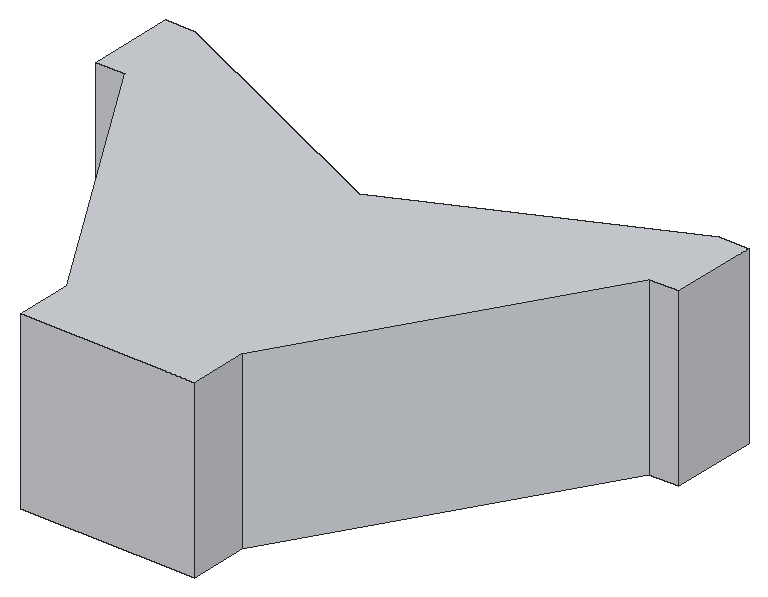
Revit family "d6c67653a53042209fd79cd622862344", category Duct Fittings, Revit 2021
Family settings
  Round Connector Dimension = Use Diameter
  Part Type = Wye
  OmniClass Number = 23.75.70.14
  OmniClass Title = Air Ductwork
  Seek Item ID = Rectangular Vee - Tapered-0000-USA-ENU
  Work Plane-Based = No
  Always vertical = Yes
  Cut with Voids When Loaded = No
  Shared = No
Parameters (values of type "Standard")
  Length 3 [instance] = abs(Length 1) + (Duct Length 2 + Duct Width 2 / 2)  # 27"
  Length 2 [instance] = abs(Length 1) + (Duct Length 6 + Duct Width 3 / 2)  # 27"
  Length 1 [instance] = ((Duct Length 2 + Duct Width 2 / 2) - (Duct Length 6 + Duct Width 3 / 2)) / 2  # 0"
  Length [instance] = if(Length 1 > 0' 0", Length 2, Length 3)  # 27"
  Duct Width 3 [instance] = 6"
  Duct Width 2 [instance] = 6"
  Duct Width 1 [instance] = 12"
  Duct Length 8 [instance] = Duct Width 3 / 3  # 2"
  Duct Length 7 [instance] = 1.5 * Duct Width 1  # 18"
  Duct Length 6 [instance] = 2 * Duct Width 1  # 24"
  Duct Length 5 [instance] = 1.8 * Duct Width 1  # 21.6"
  Duct Length 4 [instance] = Duct Width 2 / 3  # 2"
  Duct Length 3 [instance] = 1.5 * Duct Width 1  # 18"
  Duct Length 2 [instance] = 2 * Duct Width 1  # 24"
  Duct Length 1 [instance] = Duct Width 1 / 3  # 4"
  Duct Height [instance] = 12"
  Default Elevation = 0' - 0"
Reference planes (in)
  plane 1 "Old Center (Front/Back)": x = 0
  plane 2: z = 0
  plane 3 "Old Center (Left/Right)": y = -27
  plane 4: x = -6
  plane 5: x = 6
  plane 6: y = -23
  plane 7: y = -3
  plane 8: y = 3
  plane 9: x = -18
  plane 10: x = -20
  plane 11: y = -5.4
  plane 12: y = -3
  plane 13: y = 3
  plane 14: x = 20
  plane 15: x = 18
  plane 16: z = 6
  plane 17: z = -6
  plane 18: y = 0
  plane 19: y = 0
  plane 20 "Center (Front/Back)": y = 0
  plane 21 "Center (Left/Right)": x = 0
  plane 22: y = 0
Forms (in)
  Extrusion 1, solid, detail levels medium+fine
    sketch origin (0, -27, 0) x (0, 1, 0) y (-1, 0, 0)
      loop
        line (4, 6) -> (0, 6) -> (0, -6) -> (4, -6) -> (24, -18) -> (24, -20) -> (30, -20) -> (30, -18) -> (21.6, 0) -> (30, 18) -> (30, 20) -> (24, 20) -> (24, 18) -> (4, 6)
    from -6 to 6
Lines and regions (in)
  model lines, detail levels coarse
    curve 1: line (-18, 0, 0) -> (0, -23, 0)
    curve 2: line (0, -23, 0) -> (18, 0, 0)
    curve 3: line (-20, 0, 0) -> (-18, 0, 0)
    curve 4: line (18, 0, 0) -> (20, 0, 0)
    curve 5: line (0, -27, 0) -> (0, -23, 0)
Dimensions and locks (in)
  equal spacing: plane 4, plane 1 "Old Center (Front/Back)", plane 5
  "Duct Width 1": plane 4 to plane 5
  "Duct Length 1": plane 3 "Old Center (Left/Right)" to plane 6
  "Duct Length 2": plane 3 "Old Center (Left/Right)" to plane 7
  "Duct Width 2": plane 7 to plane 8
  "Duct Length 3": plane 1 "Old Center (Front/Back)" to plane 9
  "Duct Length 4": plane 10 to plane 9
  "Duct Length 5": plane 3 "Old Center (Left/Right)" to plane 11
  "Duct Length 6": plane 3 "Old Center (Left/Right)" to plane 12
  "Duct Width 3": plane 12 to plane 13
  "Duct Length 8": plane 15 to plane 14
  equal spacing: plane 16, plane 2, plane 17
  "Duct Height": plane 16 to plane 17
  equal spacing: plane 7, plane 18, plane 8
  equal spacing: plane 12, plane 19, plane 13
  "Duct Length 7": plane 1 "Old Center (Front/Back)" to plane 15
  "Length": plane 22 to plane 3 "Old Center (Left/Right)"
  aligned and locked: plane 7 to Extrusion 1 sketch curve
  aligned and locked: plane 9 to Extrusion 1 sketch curve  (x2)
  aligned and locked: plane 6 to Extrusion 1 sketch curve  (x2)
  aligned and locked: plane 4 to Extrusion 1 sketch curve
  aligned and locked: plane 5 to Extrusion 1 sketch curve
  aligned and locked: plane 15 to Extrusion 1 sketch curve  (x2)
  aligned and locked: plane 1 "Old Center (Front/Back)" to Extrusion 1 sketch curve
  aligned and locked: plane 11 to Extrusion 1 sketch curve
  aligned and locked: plane 8 to Extrusion 1 sketch curve
  aligned and locked: plane 3 "Old Center (Left/Right)" to Extrusion 1 sketch curve  (x2)
  aligned and locked: Extrusion 1 sketch curve to plane 4
  aligned and locked: Extrusion 1 sketch curve to plane 5
  aligned and locked: Extrusion 1 sketch curve to plane 12
  aligned and locked: plane 12 to Extrusion 1 sketch curve
  aligned and locked: plane 13 to Extrusion 1 sketch curve
  aligned and locked: Extrusion 1 sketch curve to plane 14
  aligned and locked: plane 14 to Extrusion 1 sketch curve
  aligned and locked: Extrusion 1 sketch curve to plane 13
  aligned and locked: Extrusion 1 sketch curve to plane 10
  aligned and locked: Extrusion 1 sketch curve to plane 7
  aligned and locked: plane 10 to Extrusion 1 sketch curve
  aligned and locked: Extrusion 1 sketch curve to plane 8
  aligned and locked: Extrusion 1 to plane 17
  aligned and locked: plane 16 to Extrusion 1
  aligned and locked: curve 2 to plane 15
  aligned and locked: curve 2 to plane 1 "Old Center (Front/Back)"
  aligned and locked: curve 2 to plane 6
  aligned and locked: curve 1 to plane 18
  aligned and locked: curve 3 to plane 9
  aligned and locked: curve 3 to plane 10
  aligned and locked: curve 3 to plane 18
  aligned and locked: curve 4 to plane 14
  aligned and locked: curve 4 to plane 19
  aligned and locked: curve 5 to plane 3 "Old Center (Left/Right)"
  aligned and locked: curve 5 to plane 1 "Old Center (Front/Back)"
  aligned and locked: plane 1 "Old Center (Front/Back)" to plane 21 "Center (Left/Right)"
  aligned and locked: plane 22 to plane 20 "Center (Front/Back)"
Connectors (in)
  hvac at (-20, 0, 0), driven by "Duct Height", driven by "Duct Width 2"
    settings: on Extrusion 1, index 1, duct flow 0 CFM, flow factor 0, pres drop 0.00 in-wg, loss coef 0, conn angle 0.00°, conn width 6", conn height 12", conn diameter 24", duct sys type 28, conn prof type 1, flow config 0, flow direction 0, loss method 0, conn ref index -1, conn util no, is conn primary yes, conn desc ""
  hvac at (20, 0, 0), driven by "Duct Height", driven by "Duct Width 3"
    settings: on Extrusion 1, index 2, duct flow 0 CFM, flow factor 0, pres drop 0.00 in-wg, loss coef 0, conn angle 0.00°, conn width 6", conn height 12", conn diameter 24", duct sys type 28, conn prof type 1, flow config 0, flow direction 0, loss method 0, conn ref index -1, conn util no, is conn primary no, conn desc ""
  hvac at (0, -27, 0), driven by "Duct Height", driven by "Duct Width 1"
    settings: on Extrusion 1, index 3, duct flow 0 CFM, flow factor 0, pres drop 0.00 in-wg, loss coef 0, conn angle 0.00°, conn width 12", conn height 12", conn diameter 24", duct sys type 28, conn prof type 1, flow config 0, flow direction 0, loss method 0, conn ref index -1, conn util no, is conn primary no, conn desc ""
